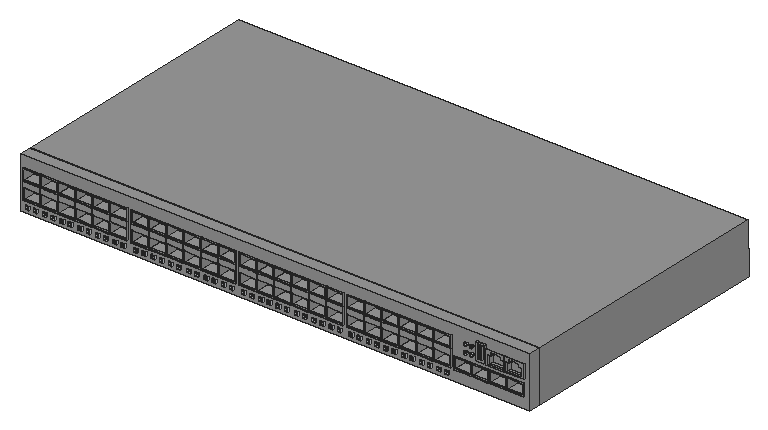
Revit family "19 Zoll Switch MS400991M", category Datengeräte, Revit 2023
Family settings
  Bemaßung runder Anschluss = Durchmesser verwenden
  Teiletyp = Normal
  OmniClass-Nummer = 23.85.50.17
  OmniClass-Titel = Communication and Data Processing Equipment
  Arbeitsebenenbasiert = Nein
  Immer vertikal = Ja
  Beim Laden mit Abzugskörper schneiden = Nein
  Beschriftungsausrichtung beibehalten = Nein
  Gemeinsam genutzt = Nein
  Raumberechnungspunkt = Nein
Parameters (values of type "19 Zoll Switch MS400991M")
  Vorgabe-Ansicht = 0 mm
  Material = Stahl, lackierte Oberfläche, dunkelgrau, matt
  Ausführung = "managed switch L3"
  Anschluss 3 = "4x 1G/10GBase-X SFP+-Slots"
  Spannung Input = "100~240VAC (C14)"
  Hersteller = "MICROSENS"
  Beschreibung = "52-Port 10G Multi Fiber L3 Switch 19\""
  Artikelnummer = "MS400991M"
  Anschluss 4 = "Konsolenport (RJ-45)"
  Anschluss 2 = "48x 100/1000Base-X SFP-Slots"
  Anschluss 1 = "OOB-Port (RJ-45)"
Reference planes
  plane 1 "Mitte (Vorne/Hinten)": y = 232.367
  plane 2: z = 0
  plane 3 "Mitte (Links/Rechts)": x = 6.748
Forms (mm)
  Extrusion 1, solid, material "Stahl, lackierte Oberfläche, dunkelgrau, matt" <- "Material"
    sketch origin (-0.016, 361.42, 1.502) x (1, 0, 0) y (0, 0, 1)
      loop
        line (-213.236, 42.498) -> (-213.236, -1.502) -> (226.813, -1.502) -> (226.813, 42.498) -> (-213.236, 42.498)
    from 235.89 to 246.705
  Extrusion 2, solid, material "Weiss"
    sketch origin (447.071, 265.556, 149.676) x (0, 0, 1) y (-1, 0, 0)
      loop
        line (-126.471, 264.855) -> (-126.471, 259.255)
        arc (-126.471, 259.255) -> (-126.178, 258.548) -> (-125.471, 258.255) r 1
        line (-125.471, 258.255) -> (-112.371, 258.255)
        arc (-112.371, 258.255) -> (-111.663, 258.548) -> (-111.371, 259.255) r 1
        line (-111.371, 259.255) -> (-111.371, 264.855)
        arc (-111.371, 264.855) -> (-111.663, 265.562) -> (-112.371, 265.855) r 1
        line (-112.371, 265.855) -> (-125.471, 265.855)
        arc (-125.471, 265.855) -> (-126.178, 265.562) -> (-126.471, 264.855) r 1
      loop
        line (-125.071, 264.605) -> (-125.071, 259.105) -> (-112.671, 259.105) -> (-112.671, 264.605) -> (-125.071, 264.605)
    from 150.84 to 151.64
  Extrusion 3, solid, material "Edelstahl AISI 304"
    sketch origin (447.071, 265.556, 149.676) x (0, 0, 1) y (-1, 0, 0)
      loop
        line (-124.365, 262.053) -> (-113.348, 262.053) -> (-113.348, 263.837) -> (-124.365, 263.837) -> (-124.365, 262.053)
      loop
        line (-124.121, 263.355) -> (-124.121, 262.305) -> (-113.621, 262.305) -> (-113.621, 263.355) -> (-124.121, 263.355)
    from 150.84 to 151.64
  Extrusion 4, void
    sketch origin (444.571, 265.556, 149.52) x (0, 0, 1) y (-1, 0, 0)
      loop
        line (-125.071, 262.055) -> (-125.071, 259.105) -> (-112.671, 259.105) -> (-112.671, 262.055) -> (-125.071, 262.055)
    from 147.46 to 160.434
  Extrusion 5, solid, material "Stahl, 43-245"
    sketch origin (-2.408, 265.556, 44) x (0, -1, 0) y (1, 0, 0)
      loop
        line (140.025, -210.844) -> (140.025, 229.205) -> (-85.512, 229.205) -> (-85.512, -210.844) -> (140.025, -210.844)
    from -44 to 0
  Extrusion 6, solid, material "Edelstahl AISI 304"
    sketch origin (299.007, 265.556, -237.063) x (1, 0, 0) y (0, 0, 1)
      loop
        line (-93.447, 260.197) -> (-76.371, 260.197) -> (-76.371, 272.055) -> (-93.447, 272.055) -> (-93.447, 260.197)
      loop
        line (-92.032, 260.695) -> (-78.062, 260.695) -> (-78.062, 268.569) -> (-80.729, 268.569) -> (-80.729, 270.347) -> (-83.142, 270.347) -> (-83.142, 271.236) -> (-86.952, 271.236) -> (-86.952, 270.347) -> (-89.365, 270.347) -> (-89.365, 268.569) -> (-92.032, 268.569) -> (-92.032, 260.695)
    from 150.84 to 151.64
  Extrusion 7, void
    sketch origin (314.774, 265.556, -237.015) x (1, 0, 0) y (0, 0, 1)
      loop
        line (-106.701, 261.203) -> (-94.788, 261.203) -> (-94.788, 268.036) -> (-96.693, 268.036) -> (-96.693, 269.738) -> (-99.221, 269.738) -> (-99.221, 270.576) -> (-102.269, 270.576) -> (-102.269, 269.738) -> (-104.787, 269.738) -> (-104.787, 268.036) -> (-106.701, 268.036) -> (-106.701, 261.203)
    from 147.46 to 160.434
  Extrusion 8, solid, material "Edelstahl AISI 304"
    sketch origin (-409.473, 265.556, -233.012) x (1, 0, 0) y (0, 0, 1)
      loop
        line (198.964, 268.012) -> (198.964, 257.612) -> (213.977, 257.612) -> (213.977, 268.012) -> (198.964, 268.012)
      loop
        line (199.41, 267.584) -> (199.41, 257.912) -> (213.549, 257.912) -> (213.549, 267.584) -> (199.41, 267.584)
    from 140.025 to 151.64
  Extrusion 9, void
    sketch origin (-102.016, 265.556, -235.662) x (1, 0, 0) y (0, 0, 1)
      loop
        line (-107.793, 261.07) -> (-94.206, 261.07) -> (-94.206, 269.986) -> (-107.793, 269.986) -> (-107.793, 261.07)
    from 140.025 to 160.434
  Extrusion 10, solid, material "Edelstahl AISI 304"
    sketch origin (-409.414, 265.556, -247.841) x (1, 0, 0) y (0, 0, 1)
      loop
        line (198.964, 272.442) -> (198.964, 257.612) -> (213.918, 257.612) -> (213.918, 272.442) -> (198.964, 272.442)
      loop
        line (199.41, 267.733) -> (199.41, 257.912) -> (213.489, 257.912) -> (213.489, 267.733) -> (199.41, 267.733)
    from 140.025 to 151.64
  Extrusion 11, void
    sketch origin (-101.956, 265.556, -250.492) x (1, 0, 0) y (0, 0, 1)
      loop
        line (-107.793, 261.07) -> (-94.266, 261.07) -> (-94.266, 269.986) -> (-107.793, 269.986) -> (-107.793, 261.07)
    from 140.025 to 160.434
  Extrusion 12, solid
    sketch origin (-273.402, 265.556, -259.935) x (1, 0, 0) y (0, 0, 1)
      loop
        line (65.134, 266.357) -> (65.134, 263.552) -> (68.302, 263.552) -> (68.302, 266.357) -> (65.134, 266.357)
      loop
        line (65.402, 266.123) -> (65.402, 263.778) -> (68.073, 263.778) -> (68.073, 266.123) -> (65.402, 266.123)
    from 150.84 to 151.64
  Extrusion 13, solid
    sketch origin (-266.305, 265.556, -259.935) x (1, 0, 0) y (0, 0, 1)
      loop
        line (65.134, 266.357) -> (65.134, 263.552) -> (68.302, 263.552) -> (68.302, 266.357) -> (65.134, 266.357)
      loop
        line (65.402, 266.123) -> (65.402, 263.778) -> (68.073, 263.778) -> (68.073, 266.123) -> (65.402, 266.123)
    from 150.84 to 151.64
  Extrusion 14, solid, material "Edelstahl AISI 304"
    sketch origin (283.429, 265.556, -237.063) x (1, 0, 0) y (0, 0, 1)
      loop
        line (-93.447, 260.197) -> (-77.869, 260.197) -> (-77.869, 272.055) -> (-93.447, 272.055) -> (-93.447, 260.197)
      loop
        line (-92.032, 260.695) -> (-78.062, 260.695) -> (-78.062, 268.569) -> (-80.729, 268.569) -> (-80.729, 270.347) -> (-83.142, 270.347) -> (-83.142, 271.236) -> (-86.952, 271.236) -> (-86.952, 270.347) -> (-89.365, 270.347) -> (-89.365, 268.569) -> (-92.032, 268.569) -> (-92.032, 260.695)
    from 150.84 to 151.64
  Extrusion 15, void
    sketch origin (299.197, 265.556, -237.015) x (1, 0, 0) y (0, 0, 1)
      loop
        line (-106.701, 261.203) -> (-94.788, 261.203) -> (-94.788, 268.036) -> (-96.693, 268.036) -> (-96.693, 269.738) -> (-99.221, 269.738) -> (-99.221, 270.576) -> (-102.269, 270.576) -> (-102.269, 269.738) -> (-104.787, 269.738) -> (-104.787, 268.036) -> (-106.701, 268.036) -> (-106.701, 261.203)
    from 147.46 to 160.434
  Extrusion 16, solid, material "Edelstahl AISI 304"
    sketch origin (-394.507, 265.556, -233.012) x (1, 0, 0) y (0, 0, 1)
      loop
        line (198.964, 268.012) -> (198.964, 257.612) -> (213.977, 257.612) -> (213.977, 268.012) -> (198.964, 268.012)
      loop
        line (199.41, 267.584) -> (199.41, 257.912) -> (213.549, 257.912) -> (213.549, 267.584) -> (199.41, 267.584)
    from 140.025 to 151.64
  Extrusion 17, void
    sketch origin (-87.049, 265.556, -235.662) x (1, 0, 0) y (0, 0, 1)
      loop
        line (-107.793, 261.07) -> (-94.206, 261.07) -> (-94.206, 269.986) -> (-107.793, 269.986) -> (-107.793, 261.07)
    from 140.025 to 160.434
  Extrusion 18, solid, material "Edelstahl AISI 304"
    sketch origin (-394.447, 265.556, -247.841) x (1, 0, 0) y (0, 0, 1)
      loop
        line (198.964, 272.442) -> (198.964, 257.612) -> (213.918, 257.612) -> (213.918, 272.442) -> (198.964, 272.442)
      loop
        line (199.41, 267.733) -> (199.41, 257.912) -> (213.489, 257.912) -> (213.489, 267.733) -> (199.41, 267.733)
    from 140.025 to 151.64
  Extrusion 19, void
    sketch origin (-86.99, 265.556, -250.492) x (1, 0, 0) y (0, 0, 1)
      loop
        line (-107.793, 261.07) -> (-94.266, 261.07) -> (-94.266, 269.986) -> (-107.793, 269.986) -> (-107.793, 261.07)
    from 140.025 to 160.434
  Extrusion 20, solid, material "Edelstahl AISI 304"
    sketch origin (-379.493, 265.556, -233.012) x (1, 0, 0) y (0, 0, 1)
      loop
        line (198.964, 268.012) -> (198.964, 257.612) -> (213.977, 257.612) -> (213.977, 268.012) -> (198.964, 268.012)
      loop
        line (199.41, 267.584) -> (199.41, 257.912) -> (213.549, 257.912) -> (213.549, 267.584) -> (199.41, 267.584)
    from 140.025 to 151.64
  Extrusion 21, void
    sketch origin (-72.036, 265.556, -235.662) x (1, 0, 0) y (0, 0, 1)
      loop
        line (-107.793, 261.07) -> (-94.206, 261.07) -> (-94.206, 269.986) -> (-107.793, 269.986) -> (-107.793, 261.07)
    from 140.025 to 160.434
  Extrusion 22, solid, material "Edelstahl AISI 304"
    sketch origin (-379.434, 265.556, -247.841) x (1, 0, 0) y (0, 0, 1)
      loop
        line (198.964, 272.442) -> (198.964, 257.612) -> (213.918, 257.612) -> (213.918, 272.442) -> (198.964, 272.442)
      loop
        line (199.41, 267.733) -> (199.41, 257.912) -> (213.489, 257.912) -> (213.489, 267.733) -> (199.41, 267.733)
    from 140.025 to 151.64
  Extrusion 23, void
    sketch origin (-71.976, 265.556, -250.492) x (1, 0, 0) y (0, 0, 1)
      loop
        line (-107.793, 261.07) -> (-94.266, 261.07) -> (-94.266, 269.986) -> (-107.793, 269.986) -> (-107.793, 261.07)
    from 140.025 to 160.434
  Extrusion 24, solid, material "Edelstahl AISI 304"
    sketch origin (-364.48, 265.556, -233.012) x (1, 0, 0) y (0, 0, 1)
      loop
        line (198.964, 268.012) -> (198.964, 257.612) -> (213.977, 257.612) -> (213.977, 268.012) -> (198.964, 268.012)
      loop
        line (199.41, 267.584) -> (199.41, 257.912) -> (213.549, 257.912) -> (213.549, 267.584) -> (199.41, 267.584)
    from 140.025 to 151.64
  Extrusion 25, void
    sketch origin (-57.022, 265.556, -235.662) x (1, 0, 0) y (0, 0, 1)
      loop
        line (-107.793, 261.07) -> (-94.206, 261.07) -> (-94.206, 269.986) -> (-107.793, 269.986) -> (-107.793, 261.07)
    from 140.025 to 160.434
  Extrusion 26, solid, material "Edelstahl AISI 304"
    sketch origin (-364.42, 265.556, -247.841) x (1, 0, 0) y (0, 0, 1)
      loop
        line (198.964, 272.442) -> (198.964, 257.612) -> (213.918, 257.612) -> (213.918, 272.442) -> (198.964, 272.442)
      loop
        line (199.41, 267.733) -> (199.41, 257.912) -> (213.489, 257.912) -> (213.489, 267.733) -> (199.41, 267.733)
    from 140.025 to 151.64
  Extrusion 27, void
    sketch origin (-56.963, 265.556, -250.492) x (1, 0, 0) y (0, 0, 1)
      loop
        line (-107.793, 261.07) -> (-94.266, 261.07) -> (-94.266, 269.986) -> (-107.793, 269.986) -> (-107.793, 261.07)
    from 140.025 to 160.434
  Extrusion 28, solid, material "Edelstahl AISI 304"
    sketch origin (-349.466, 265.556, -233.012) x (1, 0, 0) y (0, 0, 1)
      loop
        line (198.964, 268.012) -> (198.964, 257.612) -> (213.977, 257.612) -> (213.977, 268.012) -> (198.964, 268.012)
      loop
        line (199.41, 267.584) -> (199.41, 257.912) -> (213.549, 257.912) -> (213.549, 267.584) -> (199.41, 267.584)
    from 140.025 to 151.64
  Extrusion 29, void
    sketch origin (-42.009, 265.556, -235.662) x (1, 0, 0) y (0, 0, 1)
      loop
        line (-107.793, 261.07) -> (-94.206, 261.07) -> (-94.206, 269.986) -> (-107.793, 269.986) -> (-107.793, 261.07)
    from 140.025 to 160.434
  Extrusion 30, solid, material "Edelstahl AISI 304"
    sketch origin (-349.406, 265.556, -247.841) x (1, 0, 0) y (0, 0, 1)
      loop
        line (198.964, 272.442) -> (198.964, 257.612) -> (213.918, 257.612) -> (213.918, 272.442) -> (198.964, 272.442)
      loop
        line (199.41, 267.733) -> (199.41, 257.912) -> (213.489, 257.912) -> (213.489, 267.733) -> (199.41, 267.733)
    from 140.025 to 151.64
  Extrusion 31, void
    sketch origin (-41.949, 265.556, -250.492) x (1, 0, 0) y (0, 0, 1)
      loop
        line (-107.793, 261.07) -> (-94.266, 261.07) -> (-94.266, 269.986) -> (-107.793, 269.986) -> (-107.793, 261.07)
    from 140.025 to 160.434
  Extrusion 32, solid, material "Edelstahl AISI 304"
    sketch origin (-334.453, 265.556, -233.012) x (1, 0, 0) y (0, 0, 1)
      loop
        line (198.964, 268.012) -> (198.964, 257.612) -> (213.977, 257.612) -> (213.977, 268.012) -> (198.964, 268.012)
      loop
        line (199.41, 267.584) -> (199.41, 257.912) -> (213.549, 257.912) -> (213.549, 267.584) -> (199.41, 267.584)
    from 140.025 to 151.64
  Extrusion 33, void
    sketch origin (-26.995, 265.556, -235.662) x (1, 0, 0) y (0, 0, 1)
      loop
        line (-107.793, 261.07) -> (-94.206, 261.07) -> (-94.206, 269.986) -> (-107.793, 269.986) -> (-107.793, 261.07)
    from 140.025 to 160.434
  Extrusion 34, solid, material "Edelstahl AISI 304"
    sketch origin (-334.393, 265.556, -247.841) x (1, 0, 0) y (0, 0, 1)
      loop
        line (198.964, 272.442) -> (198.964, 257.612) -> (213.918, 257.612) -> (213.918, 272.442) -> (198.964, 272.442)
      loop
        line (199.41, 267.733) -> (199.41, 257.912) -> (213.489, 257.912) -> (213.489, 267.733) -> (199.41, 267.733)
    from 140.025 to 151.64
  Extrusion 35, void
    sketch origin (-26.935, 265.556, -250.492) x (1, 0, 0) y (0, 0, 1)
      loop
        line (-107.793, 261.07) -> (-94.266, 261.07) -> (-94.266, 269.986) -> (-107.793, 269.986) -> (-107.793, 261.07)
    from 140.025 to 160.434
  Extrusion 36, solid
    sketch origin (-258.402, 265.556, -259.935) x (1, 0, 0) y (0, 0, 1)
      loop
        line (65.134, 266.357) -> (65.134, 263.552) -> (68.302, 263.552) -> (68.302, 266.357) -> (65.134, 266.357)
      loop
        line (65.402, 266.123) -> (65.402, 263.778) -> (68.073, 263.778) -> (68.073, 266.123) -> (65.402, 266.123)
    from 150.84 to 151.64
  Extrusion 37, solid
    sketch origin (-251.305, 265.556, -259.935) x (1, 0, 0) y (0, 0, 1)
      loop
        line (65.134, 266.357) -> (65.134, 263.552) -> (68.302, 263.552) -> (68.302, 266.357) -> (65.134, 266.357)
      loop
        line (65.402, 266.123) -> (65.402, 263.778) -> (68.073, 263.778) -> (68.073, 266.123) -> (65.402, 266.123)
    from 150.84 to 151.64
  Extrusion 38, solid
    sketch origin (-243.402, 265.556, -259.935) x (1, 0, 0) y (0, 0, 1)
      loop
        line (65.134, 266.357) -> (65.134, 263.552) -> (68.302, 263.552) -> (68.302, 266.357) -> (65.134, 266.357)
      loop
        line (65.402, 266.123) -> (65.402, 263.778) -> (68.073, 263.778) -> (68.073, 266.123) -> (65.402, 266.123)
    from 150.84 to 151.64
  Extrusion 39, solid
    sketch origin (-236.305, 265.556, -259.935) x (1, 0, 0) y (0, 0, 1)
      loop
        line (65.134, 266.357) -> (65.134, 263.552) -> (68.302, 263.552) -> (68.302, 266.357) -> (65.134, 266.357)
      loop
        line (65.402, 266.123) -> (65.402, 263.778) -> (68.073, 263.778) -> (68.073, 266.123) -> (65.402, 266.123)
    from 150.84 to 151.64
  Extrusion 40, solid
    sketch origin (-227.709, 265.556, -259.935) x (1, 0, 0) y (0, 0, 1)
      loop
        line (65.134, 266.357) -> (65.134, 263.552) -> (68.302, 263.552) -> (68.302, 266.357) -> (65.134, 266.357)
      loop
        line (65.402, 266.123) -> (65.402, 263.778) -> (68.073, 263.778) -> (68.073, 266.123) -> (65.402, 266.123)
    from 150.84 to 151.64
  Extrusion 41, solid
    sketch origin (-220.612, 265.556, -259.935) x (1, 0, 0) y (0, 0, 1)
      loop
        line (65.134, 266.357) -> (65.134, 263.552) -> (68.302, 263.552) -> (68.302, 266.357) -> (65.134, 266.357)
      loop
        line (65.402, 266.123) -> (65.402, 263.778) -> (68.073, 263.778) -> (68.073, 266.123) -> (65.402, 266.123)
    from 150.84 to 151.64
  Extrusion 42, solid
    sketch origin (-212.709, 265.556, -259.935) x (1, 0, 0) y (0, 0, 1)
      loop
        line (65.134, 266.357) -> (65.134, 263.552) -> (68.302, 263.552) -> (68.302, 266.357) -> (65.134, 266.357)
      loop
        line (65.402, 266.123) -> (65.402, 263.778) -> (68.073, 263.778) -> (68.073, 266.123) -> (65.402, 266.123)
    from 150.84 to 151.64
  Extrusion 43, solid
    sketch origin (-205.612, 265.556, -259.935) x (1, 0, 0) y (0, 0, 1)
      loop
        line (65.134, 266.357) -> (65.134, 263.552) -> (68.302, 263.552) -> (68.302, 266.357) -> (65.134, 266.357)
      loop
        line (65.402, 266.123) -> (65.402, 263.778) -> (68.073, 263.778) -> (68.073, 266.123) -> (65.402, 266.123)
    from 150.84 to 151.64
  Extrusion 44, solid
    sketch origin (-197.709, 265.556, -259.935) x (1, 0, 0) y (0, 0, 1)
      loop
        line (65.134, 266.357) -> (65.134, 263.552) -> (68.302, 263.552) -> (68.302, 266.357) -> (65.134, 266.357)
      loop
        line (65.402, 266.123) -> (65.402, 263.778) -> (68.073, 263.778) -> (68.073, 266.123) -> (65.402, 266.123)
    from 150.84 to 151.64
  Extrusion 45, solid
    sketch origin (-190.612, 265.556, -259.935) x (1, 0, 0) y (0, 0, 1)
      loop
        line (65.134, 266.357) -> (65.134, 263.552) -> (68.302, 263.552) -> (68.302, 266.357) -> (65.134, 266.357)
      loop
        line (65.402, 266.123) -> (65.402, 263.778) -> (68.073, 263.778) -> (68.073, 266.123) -> (65.402, 266.123)
    from 150.84 to 151.64
  Extrusion 46, solid, material "Edelstahl AISI 304"
    sketch origin (-315.735, 265.556, -233.012) x (1, 0, 0) y (0, 0, 1)
      loop
        line (198.964, 268.012) -> (198.964, 257.612) -> (213.977, 257.612) -> (213.977, 268.012) -> (198.964, 268.012)
      loop
        line (199.41, 267.584) -> (199.41, 257.912) -> (213.549, 257.912) -> (213.549, 267.584) -> (199.41, 267.584)
    from 140.025 to 151.64
  Extrusion 47, void
    sketch origin (-8.278, 265.556, -235.662) x (1, 0, 0) y (0, 0, 1)
      loop
        line (-107.793, 261.07) -> (-94.206, 261.07) -> (-94.206, 269.986) -> (-107.793, 269.986) -> (-107.793, 261.07)
    from 140.025 to 160.434
  Extrusion 48, solid, material "Edelstahl AISI 304"
    sketch origin (-315.676, 265.556, -247.841) x (1, 0, 0) y (0, 0, 1)
      loop
        line (198.964, 272.442) -> (198.964, 257.612) -> (213.918, 257.612) -> (213.918, 272.442) -> (198.964, 272.442)
      loop
        line (199.41, 267.733) -> (199.41, 257.912) -> (213.489, 257.912) -> (213.489, 267.733) -> (199.41, 267.733)
    from 140.025 to 151.64
  Extrusion 49, void
    sketch origin (-8.218, 265.556, -250.492) x (1, 0, 0) y (0, 0, 1)
      loop
        line (-107.793, 261.07) -> (-94.266, 261.07) -> (-94.266, 269.986) -> (-107.793, 269.986) -> (-107.793, 261.07)
    from 140.025 to 160.434
  Extrusion 50, solid
    sketch origin (-179.664, 265.556, -259.935) x (1, 0, 0) y (0, 0, 1)
      loop
        line (65.134, 266.357) -> (65.134, 263.552) -> (68.302, 263.552) -> (68.302, 266.357) -> (65.134, 266.357)
      loop
        line (65.402, 266.123) -> (65.402, 263.778) -> (68.073, 263.778) -> (68.073, 266.123) -> (65.402, 266.123)
    from 150.84 to 151.64
  Extrusion 51, solid
    sketch origin (-172.567, 265.556, -259.935) x (1, 0, 0) y (0, 0, 1)
      loop
        line (65.134, 266.357) -> (65.134, 263.552) -> (68.302, 263.552) -> (68.302, 266.357) -> (65.134, 266.357)
      loop
        line (65.402, 266.123) -> (65.402, 263.778) -> (68.073, 263.778) -> (68.073, 266.123) -> (65.402, 266.123)
    from 150.84 to 151.64
  Extrusion 52, solid, material "Edelstahl AISI 304"
    sketch origin (-300.769, 265.556, -233.012) x (1, 0, 0) y (0, 0, 1)
      loop
        line (198.964, 268.012) -> (198.964, 257.612) -> (213.977, 257.612) -> (213.977, 268.012) -> (198.964, 268.012)
      loop
        line (199.41, 267.584) -> (199.41, 257.912) -> (213.549, 257.912) -> (213.549, 267.584) -> (199.41, 267.584)
    from 140.025 to 151.64
  Extrusion 53, void
    sketch origin (6.688, 265.556, -235.662) x (1, 0, 0) y (0, 0, 1)
      loop
        line (-107.793, 261.07) -> (-94.206, 261.07) -> (-94.206, 269.986) -> (-107.793, 269.986) -> (-107.793, 261.07)
    from 140.025 to 160.434
  Extrusion 54, solid, material "Edelstahl AISI 304"
    sketch origin (-300.709, 265.556, -247.841) x (1, 0, 0) y (0, 0, 1)
      loop
        line (198.964, 272.442) -> (198.964, 257.612) -> (213.918, 257.612) -> (213.918, 272.442) -> (198.964, 272.442)
      loop
        line (199.41, 267.733) -> (199.41, 257.912) -> (213.489, 257.912) -> (213.489, 267.733) -> (199.41, 267.733)
    from 140.025 to 151.64
  Extrusion 55, void
    sketch origin (6.748, 265.556, -250.492) x (1, 0, 0) y (0, 0, 1)
      loop
        line (-107.793, 261.07) -> (-94.266, 261.07) -> (-94.266, 269.986) -> (-107.793, 269.986) -> (-107.793, 261.07)
    from 140.025 to 160.434
  Extrusion 56, solid, material "Edelstahl AISI 304"
    sketch origin (-285.756, 265.556, -233.012) x (1, 0, 0) y (0, 0, 1)
      loop
        line (198.964, 268.012) -> (198.964, 257.612) -> (213.977, 257.612) -> (213.977, 268.012) -> (198.964, 268.012)
      loop
        line (199.41, 267.584) -> (199.41, 257.912) -> (213.549, 257.912) -> (213.549, 267.584) -> (199.41, 267.584)
    from 140.025 to 151.64
  Extrusion 57, void
    sketch origin (21.702, 265.556, -235.662) x (1, 0, 0) y (0, 0, 1)
      loop
        line (-107.793, 261.07) -> (-94.206, 261.07) -> (-94.206, 269.986) -> (-107.793, 269.986) -> (-107.793, 261.07)
    from 140.025 to 160.434
  Extrusion 58, solid, material "Edelstahl AISI 304"
    sketch origin (-285.696, 265.556, -247.841) x (1, 0, 0) y (0, 0, 1)
      loop
        line (198.964, 272.442) -> (198.964, 257.612) -> (213.918, 257.612) -> (213.918, 272.442) -> (198.964, 272.442)
      loop
        line (199.41, 267.733) -> (199.41, 257.912) -> (213.489, 257.912) -> (213.489, 267.733) -> (199.41, 267.733)
    from 140.025 to 151.64
  Extrusion 59, void
    sketch origin (21.762, 265.556, -250.492) x (1, 0, 0) y (0, 0, 1)
      loop
        line (-107.793, 261.07) -> (-94.266, 261.07) -> (-94.266, 269.986) -> (-107.793, 269.986) -> (-107.793, 261.07)
    from 140.025 to 160.434
  Extrusion 60, solid, material "Edelstahl AISI 304"
    sketch origin (-270.742, 265.556, -233.012) x (1, 0, 0) y (0, 0, 1)
      loop
        line (198.964, 268.012) -> (198.964, 257.612) -> (213.977, 257.612) -> (213.977, 268.012) -> (198.964, 268.012)
      loop
        line (199.41, 267.584) -> (199.41, 257.912) -> (213.549, 257.912) -> (213.549, 267.584) -> (199.41, 267.584)
    from 140.025 to 151.64
  Extrusion 61, void
    sketch origin (36.716, 265.556, -235.662) x (1, 0, 0) y (0, 0, 1)
      loop
        line (-107.793, 261.07) -> (-94.206, 261.07) -> (-94.206, 269.986) -> (-107.793, 269.986) -> (-107.793, 261.07)
    from 140.025 to 160.434
  Extrusion 62, solid, material "Edelstahl AISI 304"
    sketch origin (-270.682, 265.556, -247.841) x (1, 0, 0) y (0, 0, 1)
      loop
        line (198.964, 272.442) -> (198.964, 257.612) -> (213.918, 257.612) -> (213.918, 272.442) -> (198.964, 272.442)
      loop
        line (199.41, 267.733) -> (199.41, 257.912) -> (213.489, 257.912) -> (213.489, 267.733) -> (199.41, 267.733)
    from 140.025 to 151.64
  Extrusion 63, void
    sketch origin (36.775, 265.556, -250.492) x (1, 0, 0) y (0, 0, 1)
      loop
        line (-107.793, 261.07) -> (-94.266, 261.07) -> (-94.266, 269.986) -> (-107.793, 269.986) -> (-107.793, 261.07)
    from 140.025 to 160.434
  Extrusion 64, solid, material "Edelstahl AISI 304"
    sketch origin (-255.728, 265.556, -233.012) x (1, 0, 0) y (0, 0, 1)
      loop
        line (198.964, 268.012) -> (198.964, 257.612) -> (213.977, 257.612) -> (213.977, 268.012) -> (198.964, 268.012)
      loop
        line (199.41, 267.584) -> (199.41, 257.912) -> (213.549, 257.912) -> (213.549, 267.584) -> (199.41, 267.584)
    from 140.025 to 151.64
  Extrusion 65, void
    sketch origin (51.729, 265.556, -235.662) x (1, 0, 0) y (0, 0, 1)
      loop
        line (-107.793, 261.07) -> (-94.206, 261.07) -> (-94.206, 269.986) -> (-107.793, 269.986) -> (-107.793, 261.07)
    from 140.025 to 160.434
  Extrusion 66, solid, material "Edelstahl AISI 304"
    sketch origin (-255.669, 265.556, -247.841) x (1, 0, 0) y (0, 0, 1)
      loop
        line (198.964, 272.442) -> (198.964, 257.612) -> (213.918, 257.612) -> (213.918, 272.442) -> (198.964, 272.442)
      loop
        line (199.41, 267.733) -> (199.41, 257.912) -> (213.489, 257.912) -> (213.489, 267.733) -> (199.41, 267.733)
    from 140.025 to 151.64
  Extrusion 67, void
    sketch origin (51.789, 265.556, -250.492) x (1, 0, 0) y (0, 0, 1)
      loop
        line (-107.793, 261.07) -> (-94.266, 261.07) -> (-94.266, 269.986) -> (-107.793, 269.986) -> (-107.793, 261.07)
    from 140.025 to 160.434
  Extrusion 68, solid, material "Edelstahl AISI 304"
    sketch origin (-240.715, 265.556, -233.012) x (1, 0, 0) y (0, 0, 1)
      loop
        line (198.964, 268.012) -> (198.964, 257.612) -> (213.977, 257.612) -> (213.977, 268.012) -> (198.964, 268.012)
      loop
        line (199.41, 267.584) -> (199.41, 257.912) -> (213.549, 257.912) -> (213.549, 267.584) -> (199.41, 267.584)
    from 140.025 to 151.64
  Extrusion 69, void
    sketch origin (66.743, 265.556, -235.662) x (1, 0, 0) y (0, 0, 1)
      loop
        line (-107.793, 261.07) -> (-94.206, 261.07) -> (-94.206, 269.986) -> (-107.793, 269.986) -> (-107.793, 261.07)
    from 140.025 to 160.434
  Extrusion 70, solid, material "Edelstahl AISI 304"
    sketch origin (-240.655, 265.556, -247.841) x (1, 0, 0) y (0, 0, 1)
      loop
        line (198.964, 272.442) -> (198.964, 257.612) -> (213.918, 257.612) -> (213.918, 272.442) -> (198.964, 272.442)
      loop
        line (199.41, 267.733) -> (199.41, 257.912) -> (213.489, 257.912) -> (213.489, 267.733) -> (199.41, 267.733)
    from 140.025 to 151.64
  Extrusion 71, void
    sketch origin (66.802, 265.556, -250.492) x (1, 0, 0) y (0, 0, 1)
      loop
        line (-107.793, 261.07) -> (-94.266, 261.07) -> (-94.266, 269.986) -> (-107.793, 269.986) -> (-107.793, 261.07)
    from 140.025 to 160.434
  Extrusion 72, solid
    sketch origin (-164.664, 265.556, -259.935) x (1, 0, 0) y (0, 0, 1)
      loop
        line (65.134, 266.357) -> (65.134, 263.552) -> (68.302, 263.552) -> (68.302, 266.357) -> (65.134, 266.357)
      loop
        line (65.402, 266.123) -> (65.402, 263.778) -> (68.073, 263.778) -> (68.073, 266.123) -> (65.402, 266.123)
    from 150.84 to 151.64
  Extrusion 73, solid
    sketch origin (-157.567, 265.556, -259.935) x (1, 0, 0) y (0, 0, 1)
      loop
        line (65.134, 266.357) -> (65.134, 263.552) -> (68.302, 263.552) -> (68.302, 266.357) -> (65.134, 266.357)
      loop
        line (65.402, 266.123) -> (65.402, 263.778) -> (68.073, 263.778) -> (68.073, 266.123) -> (65.402, 266.123)
    from 150.84 to 151.64
  Extrusion 74, solid
    sketch origin (-149.664, 265.556, -259.935) x (1, 0, 0) y (0, 0, 1)
      loop
        line (65.134, 266.357) -> (65.134, 263.552) -> (68.302, 263.552) -> (68.302, 266.357) -> (65.134, 266.357)
      loop
        line (65.402, 266.123) -> (65.402, 263.778) -> (68.073, 263.778) -> (68.073, 266.123) -> (65.402, 266.123)
    from 150.84 to 151.64
  Extrusion 75, solid
    sketch origin (-142.567, 265.556, -259.935) x (1, 0, 0) y (0, 0, 1)
      loop
        line (65.134, 266.357) -> (65.134, 263.552) -> (68.302, 263.552) -> (68.302, 266.357) -> (65.134, 266.357)
      loop
        line (65.402, 266.123) -> (65.402, 263.778) -> (68.073, 263.778) -> (68.073, 266.123) -> (65.402, 266.123)
    from 150.84 to 151.64
  Extrusion 76, solid
    sketch origin (-133.972, 265.556, -259.935) x (1, 0, 0) y (0, 0, 1)
      loop
        line (65.134, 266.357) -> (65.134, 263.552) -> (68.302, 263.552) -> (68.302, 266.357) -> (65.134, 266.357)
      loop
        line (65.402, 266.123) -> (65.402, 263.778) -> (68.073, 263.778) -> (68.073, 266.123) -> (65.402, 266.123)
    from 150.84 to 151.64
  Extrusion 77, solid
    sketch origin (-126.874, 265.556, -259.935) x (1, 0, 0) y (0, 0, 1)
      loop
        line (65.134, 266.357) -> (65.134, 263.552) -> (68.302, 263.552) -> (68.302, 266.357) -> (65.134, 266.357)
      loop
        line (65.402, 266.123) -> (65.402, 263.778) -> (68.073, 263.778) -> (68.073, 266.123) -> (65.402, 266.123)
    from 150.84 to 151.64
  Extrusion 78, solid
    sketch origin (-118.972, 265.556, -259.935) x (1, 0, 0) y (0, 0, 1)
      loop
        line (65.134, 266.357) -> (65.134, 263.552) -> (68.302, 263.552) -> (68.302, 266.357) -> (65.134, 266.357)
      loop
        line (65.402, 266.123) -> (65.402, 263.778) -> (68.073, 263.778) -> (68.073, 266.123) -> (65.402, 266.123)
    from 150.84 to 151.64
  Extrusion 79, solid
    sketch origin (-111.874, 265.556, -259.935) x (1, 0, 0) y (0, 0, 1)
      loop
        line (65.134, 266.357) -> (65.134, 263.552) -> (68.302, 263.552) -> (68.302, 266.357) -> (65.134, 266.357)
      loop
        line (65.402, 266.123) -> (65.402, 263.778) -> (68.073, 263.778) -> (68.073, 266.123) -> (65.402, 266.123)
    from 150.84 to 151.64
  Extrusion 80, solid
    sketch origin (-103.972, 265.556, -259.935) x (1, 0, 0) y (0, 0, 1)
      loop
        line (65.134, 266.357) -> (65.134, 263.552) -> (68.302, 263.552) -> (68.302, 266.357) -> (65.134, 266.357)
      loop
        line (65.402, 266.123) -> (65.402, 263.778) -> (68.073, 263.778) -> (68.073, 266.123) -> (65.402, 266.123)
    from 150.84 to 151.64
  Extrusion 81, solid
    sketch origin (-96.874, 265.556, -259.935) x (1, 0, 0) y (0, 0, 1)
      loop
        line (65.134, 266.357) -> (65.134, 263.552) -> (68.302, 263.552) -> (68.302, 266.357) -> (65.134, 266.357)
      loop
        line (65.402, 266.123) -> (65.402, 263.778) -> (68.073, 263.778) -> (68.073, 266.123) -> (65.402, 266.123)
    from 150.84 to 151.64
  Extrusion 82, solid, material "Edelstahl AISI 304"
    sketch origin (-222.595, 265.556, -233.012) x (1, 0, 0) y (0, 0, 1)
      loop
        line (198.964, 268.012) -> (198.964, 257.612) -> (213.977, 257.612) -> (213.977, 268.012) -> (198.964, 268.012)
      loop
        line (199.41, 267.584) -> (199.41, 257.912) -> (213.549, 257.912) -> (213.549, 267.584) -> (199.41, 267.584)
    from 140.025 to 151.64
  Extrusion 83, void
    sketch origin (84.862, 265.556, -235.662) x (1, 0, 0) y (0, 0, 1)
      loop
        line (-107.793, 261.07) -> (-94.206, 261.07) -> (-94.206, 269.986) -> (-107.793, 269.986) -> (-107.793, 261.07)
    from 140.025 to 160.434
  Extrusion 84, solid, material "Edelstahl AISI 304"
    sketch origin (-222.535, 265.556, -247.841) x (1, 0, 0) y (0, 0, 1)
      loop
        line (198.964, 272.442) -> (198.964, 257.612) -> (213.918, 257.612) -> (213.918, 272.442) -> (198.964, 272.442)
      loop
        line (199.41, 267.733) -> (199.41, 257.912) -> (213.489, 257.912) -> (213.489, 267.733) -> (199.41, 267.733)
    from 140.025 to 151.64
  Extrusion 85, void
    sketch origin (84.922, 265.556, -250.492) x (1, 0, 0) y (0, 0, 1)
      loop
        line (-107.793, 261.07) -> (-94.266, 261.07) -> (-94.266, 269.986) -> (-107.793, 269.986) -> (-107.793, 261.07)
    from 140.025 to 160.434
  Extrusion 86, solid
    sketch origin (-86.524, 265.556, -259.935) x (1, 0, 0) y (0, 0, 1)
      loop
        line (65.134, 266.357) -> (65.134, 263.552) -> (68.302, 263.552) -> (68.302, 266.357) -> (65.134, 266.357)
      loop
        line (65.402, 266.123) -> (65.402, 263.778) -> (68.073, 263.778) -> (68.073, 266.123) -> (65.402, 266.123)
    from 150.84 to 151.64
  Extrusion 87, solid
    sketch origin (-79.426, 265.556, -259.935) x (1, 0, 0) y (0, 0, 1)
      loop
        line (65.134, 266.357) -> (65.134, 263.552) -> (68.302, 263.552) -> (68.302, 266.357) -> (65.134, 266.357)
      loop
        line (65.402, 266.123) -> (65.402, 263.778) -> (68.073, 263.778) -> (68.073, 266.123) -> (65.402, 266.123)
    from 150.84 to 151.64
  Extrusion 88, solid, material "Edelstahl AISI 304"
    sketch origin (-207.629, 265.556, -233.012) x (1, 0, 0) y (0, 0, 1)
      loop
        line (198.964, 268.012) -> (198.964, 257.612) -> (213.977, 257.612) -> (213.977, 268.012) -> (198.964, 268.012)
      loop
        line (199.41, 267.584) -> (199.41, 257.912) -> (213.549, 257.912) -> (213.549, 267.584) -> (199.41, 267.584)
    from 140.025 to 151.64
  Extrusion 89, void
    sketch origin (99.829, 265.556, -235.662) x (1, 0, 0) y (0, 0, 1)
      loop
        line (-107.793, 261.07) -> (-94.206, 261.07) -> (-94.206, 269.986) -> (-107.793, 269.986) -> (-107.793, 261.07)
    from 140.025 to 160.434
  Extrusion 90, solid, material "Edelstahl AISI 304"
    sketch origin (-207.569, 265.556, -247.841) x (1, 0, 0) y (0, 0, 1)
      loop
        line (198.964, 272.442) -> (198.964, 257.612) -> (213.918, 257.612) -> (213.918, 272.442) -> (198.964, 272.442)
      loop
        line (199.41, 267.733) -> (199.41, 257.912) -> (213.489, 257.912) -> (213.489, 267.733) -> (199.41, 267.733)
    from 140.025 to 151.64
  Extrusion 91, void
    sketch origin (99.888, 265.556, -250.492) x (1, 0, 0) y (0, 0, 1)
      loop
        line (-107.793, 261.07) -> (-94.266, 261.07) -> (-94.266, 269.986) -> (-107.793, 269.986) -> (-107.793, 261.07)
    from 140.025 to 160.434
  Extrusion 92, solid, material "Edelstahl AISI 304"
    sketch origin (-192.615, 265.556, -233.012) x (1, 0, 0) y (0, 0, 1)
      loop
        line (198.964, 268.012) -> (198.964, 257.612) -> (213.977, 257.612) -> (213.977, 268.012) -> (198.964, 268.012)
      loop
        line (199.41, 267.584) -> (199.41, 257.912) -> (213.549, 257.912) -> (213.549, 267.584) -> (199.41, 267.584)
    from 140.025 to 151.64
  Extrusion 93, void
    sketch origin (114.842, 265.556, -235.662) x (1, 0, 0) y (0, 0, 1)
      loop
        line (-107.793, 261.07) -> (-94.206, 261.07) -> (-94.206, 269.986) -> (-107.793, 269.986) -> (-107.793, 261.07)
    from 140.025 to 160.434
  Extrusion 94, solid, material "Edelstahl AISI 304"
    sketch origin (-192.555, 265.556, -247.841) x (1, 0, 0) y (0, 0, 1)
      loop
        line (198.964, 272.442) -> (198.964, 257.612) -> (213.918, 257.612) -> (213.918, 272.442) -> (198.964, 272.442)
      loop
        line (199.41, 267.733) -> (199.41, 257.912) -> (213.489, 257.912) -> (213.489, 267.733) -> (199.41, 267.733)
    from 140.025 to 151.64
  Extrusion 95, void
    sketch origin (114.902, 265.556, -250.492) x (1, 0, 0) y (0, 0, 1)
      loop
        line (-107.793, 261.07) -> (-94.266, 261.07) -> (-94.266, 269.986) -> (-107.793, 269.986) -> (-107.793, 261.07)
    from 140.025 to 160.434
  Extrusion 96, solid, material "Edelstahl AISI 304"
    sketch origin (-177.602, 265.556, -233.012) x (1, 0, 0) y (0, 0, 1)
      loop
        line (198.964, 268.012) -> (198.964, 257.612) -> (213.977, 257.612) -> (213.977, 268.012) -> (198.964, 268.012)
      loop
        line (199.41, 267.584) -> (199.41, 257.912) -> (213.549, 257.912) -> (213.549, 267.584) -> (199.41, 267.584)
    from 140.025 to 151.64
  Extrusion 97, void
    sketch origin (129.856, 265.556, -235.662) x (1, 0, 0) y (0, 0, 1)
      loop
        line (-107.793, 261.07) -> (-94.206, 261.07) -> (-94.206, 269.986) -> (-107.793, 269.986) -> (-107.793, 261.07)
    from 140.025 to 160.434
  Extrusion 98, solid, material "Edelstahl AISI 304"
    sketch origin (-177.542, 265.556, -247.841) x (1, 0, 0) y (0, 0, 1)
      loop
        line (198.964, 272.442) -> (198.964, 257.612) -> (213.918, 257.612) -> (213.918, 272.442) -> (198.964, 272.442)
      loop
        line (199.41, 267.733) -> (199.41, 257.912) -> (213.489, 257.912) -> (213.489, 267.733) -> (199.41, 267.733)
    from 140.025 to 151.64
  Extrusion 99, void
    sketch origin (129.916, 265.556, -250.492) x (1, 0, 0) y (0, 0, 1)
      loop
        line (-107.793, 261.07) -> (-94.266, 261.07) -> (-94.266, 269.986) -> (-107.793, 269.986) -> (-107.793, 261.07)
    from 140.025 to 160.434
  Extrusion 100, solid, material "Edelstahl AISI 304"
    sketch origin (-162.588, 265.556, -233.012) x (1, 0, 0) y (0, 0, 1)
      loop
        line (198.964, 268.012) -> (198.964, 257.612) -> (213.977, 257.612) -> (213.977, 268.012) -> (198.964, 268.012)
      loop
        line (199.41, 267.584) -> (199.41, 257.912) -> (213.549, 257.912) -> (213.549, 267.584) -> (199.41, 267.584)
    from 140.025 to 151.64
  Extrusion 101, void
    sketch origin (144.869, 265.556, -235.662) x (1, 0, 0) y (0, 0, 1)
      loop
        line (-107.793, 261.07) -> (-94.206, 261.07) -> (-94.206, 269.986) -> (-107.793, 269.986) -> (-107.793, 261.07)
    from 140.025 to 160.434
  Extrusion 102, solid, material "Edelstahl AISI 304"
    sketch origin (-162.528, 265.556, -247.841) x (1, 0, 0) y (0, 0, 1)
      loop
        line (198.964, 272.442) -> (198.964, 257.612) -> (213.918, 257.612) -> (213.918, 272.442) -> (198.964, 272.442)
      loop
        line (199.41, 267.733) -> (199.41, 257.912) -> (213.489, 257.912) -> (213.489, 267.733) -> (199.41, 267.733)
    from 140.025 to 151.64
  Extrusion 103, void
    sketch origin (144.929, 265.556, -250.492) x (1, 0, 0) y (0, 0, 1)
      loop
        line (-107.793, 261.07) -> (-94.266, 261.07) -> (-94.266, 269.986) -> (-107.793, 269.986) -> (-107.793, 261.07)
    from 140.025 to 160.434
  Extrusion 104, solid, material "Edelstahl AISI 304"
    sketch origin (-147.574, 265.556, -233.012) x (1, 0, 0) y (0, 0, 1)
      loop
        line (198.964, 268.012) -> (198.964, 257.612) -> (213.977, 257.612) -> (213.977, 268.012) -> (198.964, 268.012)
      loop
        line (199.41, 267.584) -> (199.41, 257.912) -> (213.549, 257.912) -> (213.549, 267.584) -> (199.41, 267.584)
    from 140.025 to 151.64
  Extrusion 105, void
    sketch origin (159.883, 265.556, -235.662) x (1, 0, 0) y (0, 0, 1)
      loop
        line (-107.793, 261.07) -> (-94.206, 261.07) -> (-94.206, 269.986) -> (-107.793, 269.986) -> (-107.793, 261.07)
    from 140.025 to 160.434
  Extrusion 106, solid, material "Edelstahl AISI 304"
    sketch origin (-147.515, 265.556, -247.841) x (1, 0, 0) y (0, 0, 1)
      loop
        line (198.964, 272.442) -> (198.964, 257.612) -> (213.918, 257.612) -> (213.918, 272.442) -> (198.964, 272.442)
      loop
        line (199.41, 267.733) -> (199.41, 257.912) -> (213.489, 257.912) -> (213.489, 267.733) -> (199.41, 267.733)
    from 140.025 to 151.64
  Extrusion 107, void
    sketch origin (159.943, 265.556, -250.492) x (1, 0, 0) y (0, 0, 1)
      loop
        line (-107.793, 261.07) -> (-94.266, 261.07) -> (-94.266, 269.986) -> (-107.793, 269.986) -> (-107.793, 261.07)
    from 140.025 to 160.434
  Extrusion 108, solid
    sketch origin (-71.524, 265.556, -259.935) x (1, 0, 0) y (0, 0, 1)
      loop
        line (65.134, 266.357) -> (65.134, 263.552) -> (68.302, 263.552) -> (68.302, 266.357) -> (65.134, 266.357)
      loop
        line (65.402, 266.123) -> (65.402, 263.778) -> (68.073, 263.778) -> (68.073, 266.123) -> (65.402, 266.123)
    from 150.84 to 151.64
  Extrusion 109, solid
    sketch origin (-64.426, 265.556, -259.935) x (1, 0, 0) y (0, 0, 1)
      loop
        line (65.134, 266.357) -> (65.134, 263.552) -> (68.302, 263.552) -> (68.302, 266.357) -> (65.134, 266.357)
      loop
        line (65.402, 266.123) -> (65.402, 263.778) -> (68.073, 263.778) -> (68.073, 266.123) -> (65.402, 266.123)
    from 150.84 to 151.64
  Extrusion 110, solid
    sketch origin (-56.524, 265.556, -259.935) x (1, 0, 0) y (0, 0, 1)
      loop
        line (65.134, 266.357) -> (65.134, 263.552) -> (68.302, 263.552) -> (68.302, 266.357) -> (65.134, 266.357)
      loop
        line (65.402, 266.123) -> (65.402, 263.778) -> (68.073, 263.778) -> (68.073, 266.123) -> (65.402, 266.123)
    from 150.84 to 151.64
  Extrusion 111, solid
    sketch origin (-49.426, 265.556, -259.935) x (1, 0, 0) y (0, 0, 1)
      loop
        line (65.134, 266.357) -> (65.134, 263.552) -> (68.302, 263.552) -> (68.302, 266.357) -> (65.134, 266.357)
      loop
        line (65.402, 266.123) -> (65.402, 263.778) -> (68.073, 263.778) -> (68.073, 266.123) -> (65.402, 266.123)
    from 150.84 to 151.64
  Extrusion 112, solid
    sketch origin (-40.831, 265.556, -259.935) x (1, 0, 0) y (0, 0, 1)
      loop
        line (65.134, 266.357) -> (65.134, 263.552) -> (68.302, 263.552) -> (68.302, 266.357) -> (65.134, 266.357)
      loop
        line (65.402, 266.123) -> (65.402, 263.778) -> (68.073, 263.778) -> (68.073, 266.123) -> (65.402, 266.123)
    from 150.84 to 151.64
  Extrusion 113, solid
    sketch origin (-33.734, 265.556, -259.935) x (1, 0, 0) y (0, 0, 1)
      loop
        line (65.134, 266.357) -> (65.134, 263.552) -> (68.302, 263.552) -> (68.302, 266.357) -> (65.134, 266.357)
      loop
        line (65.402, 266.123) -> (65.402, 263.778) -> (68.073, 263.778) -> (68.073, 266.123) -> (65.402, 266.123)
    from 150.84 to 151.64
  Extrusion 114, solid
    sketch origin (-25.831, 265.556, -259.935) x (1, 0, 0) y (0, 0, 1)
      loop
        line (65.134, 266.357) -> (65.134, 263.552) -> (68.302, 263.552) -> (68.302, 266.357) -> (65.134, 266.357)
      loop
        line (65.402, 266.123) -> (65.402, 263.778) -> (68.073, 263.778) -> (68.073, 266.123) -> (65.402, 266.123)
    from 150.84 to 151.64
  Extrusion 115, solid
    sketch origin (-18.734, 265.556, -259.935) x (1, 0, 0) y (0, 0, 1)
      loop
        line (65.134, 266.357) -> (65.134, 263.552) -> (68.302, 263.552) -> (68.302, 266.357) -> (65.134, 266.357)
      loop
        line (65.402, 266.123) -> (65.402, 263.778) -> (68.073, 263.778) -> (68.073, 266.123) -> (65.402, 266.123)
    from 150.84 to 151.64
  Extrusion 116, solid
    sketch origin (-10.831, 265.556, -259.935) x (1, 0, 0) y (0, 0, 1)
      loop
        line (65.134, 266.357) -> (65.134, 263.552) -> (68.302, 263.552) -> (68.302, 266.357) -> (65.134, 266.357)
      loop
        line (65.402, 266.123) -> (65.402, 263.778) -> (68.073, 263.778) -> (68.073, 266.123) -> (65.402, 266.123)
    from 150.84 to 151.64
  Extrusion 117, solid
    sketch origin (-3.734, 265.556, -259.935) x (1, 0, 0) y (0, 0, 1)
      loop
        line (65.134, 266.357) -> (65.134, 263.552) -> (68.302, 263.552) -> (68.302, 266.357) -> (65.134, 266.357)
      loop
        line (65.402, 266.123) -> (65.402, 263.778) -> (68.073, 263.778) -> (68.073, 266.123) -> (65.402, 266.123)
    from 150.84 to 151.64
  Extrusion 118, solid, material "Edelstahl AISI 304"
    sketch origin (-129.696, 265.556, -233.012) x (1, 0, 0) y (0, 0, 1)
      loop
        line (198.964, 268.012) -> (198.964, 257.612) -> (213.977, 257.612) -> (213.977, 268.012) -> (198.964, 268.012)
      loop
        line (199.41, 267.584) -> (199.41, 257.912) -> (213.549, 257.912) -> (213.549, 267.584) -> (199.41, 267.584)
    from 140.025 to 151.64
  Extrusion 119, void
    sketch origin (177.761, 265.556, -235.662) x (1, 0, 0) y (0, 0, 1)
      loop
        line (-107.793, 261.07) -> (-94.206, 261.07) -> (-94.206, 269.986) -> (-107.793, 269.986) -> (-107.793, 261.07)
    from 140.025 to 160.434
  Extrusion 120, solid, material "Edelstahl AISI 304"
    sketch origin (-129.637, 265.556, -247.841) x (1, 0, 0) y (0, 0, 1)
      loop
        line (198.964, 272.442) -> (198.964, 257.612) -> (213.918, 257.612) -> (213.918, 272.442) -> (198.964, 272.442)
      loop
        line (199.41, 267.733) -> (199.41, 257.912) -> (213.489, 257.912) -> (213.489, 267.733) -> (199.41, 267.733)
    from 140.025 to 151.64
  Extrusion 121, void
    sketch origin (177.821, 265.556, -250.492) x (1, 0, 0) y (0, 0, 1)
      loop
        line (-107.793, 261.07) -> (-94.266, 261.07) -> (-94.266, 269.986) -> (-107.793, 269.986) -> (-107.793, 261.07)
    from 140.025 to 160.434
  Extrusion 122, solid
    sketch origin (6.375, 265.556, -259.935) x (1, 0, 0) y (0, 0, 1)
      loop
        line (65.134, 266.357) -> (65.134, 263.552) -> (68.302, 263.552) -> (68.302, 266.357) -> (65.134, 266.357)
      loop
        line (65.402, 266.123) -> (65.402, 263.778) -> (68.073, 263.778) -> (68.073, 266.123) -> (65.402, 266.123)
    from 150.84 to 151.64
  Extrusion 123, solid
    sketch origin (13.472, 265.556, -259.935) x (1, 0, 0) y (0, 0, 1)
      loop
        line (65.134, 266.357) -> (65.134, 263.552) -> (68.302, 263.552) -> (68.302, 266.357) -> (65.134, 266.357)
      loop
        line (65.402, 266.123) -> (65.402, 263.778) -> (68.073, 263.778) -> (68.073, 266.123) -> (65.402, 266.123)
    from 150.84 to 151.64
  Extrusion 124, solid, material "Edelstahl AISI 304"
    sketch origin (-114.73, 265.556, -233.012) x (1, 0, 0) y (0, 0, 1)
      loop
        line (198.964, 268.012) -> (198.964, 257.612) -> (213.977, 257.612) -> (213.977, 268.012) -> (198.964, 268.012)
      loop
        line (199.41, 267.584) -> (199.41, 257.912) -> (213.549, 257.912) -> (213.549, 267.584) -> (199.41, 267.584)
    from 140.025 to 151.64
  Extrusion 125, void
    sketch origin (192.728, 265.556, -235.662) x (1, 0, 0) y (0, 0, 1)
      loop
        line (-107.793, 261.07) -> (-94.206, 261.07) -> (-94.206, 269.986) -> (-107.793, 269.986) -> (-107.793, 261.07)
    from 140.025 to 160.434
  Extrusion 126, solid, material "Edelstahl AISI 304"
    sketch origin (-114.67, 265.556, -247.841) x (1, 0, 0) y (0, 0, 1)
      loop
        line (198.964, 272.442) -> (198.964, 257.612) -> (213.918, 257.612) -> (213.918, 272.442) -> (198.964, 272.442)
      loop
        line (199.41, 267.733) -> (199.41, 257.912) -> (213.489, 257.912) -> (213.489, 267.733) -> (199.41, 267.733)
    from 140.025 to 151.64
  Extrusion 127, void
    sketch origin (192.787, 265.556, -250.492) x (1, 0, 0) y (0, 0, 1)
      loop
        line (-107.793, 261.07) -> (-94.266, 261.07) -> (-94.266, 269.986) -> (-107.793, 269.986) -> (-107.793, 261.07)
    from 140.025 to 160.434
  Extrusion 128, solid, material "Edelstahl AISI 304"
    sketch origin (-99.716, 265.556, -233.012) x (1, 0, 0) y (0, 0, 1)
      loop
        line (198.964, 268.012) -> (198.964, 257.612) -> (213.977, 257.612) -> (213.977, 268.012) -> (198.964, 268.012)
      loop
        line (199.41, 267.584) -> (199.41, 257.912) -> (213.549, 257.912) -> (213.549, 267.584) -> (199.41, 267.584)
    from 140.025 to 151.64
  Extrusion 129, void
    sketch origin (207.741, 265.556, -235.662) x (1, 0, 0) y (0, 0, 1)
      loop
        line (-107.793, 261.07) -> (-94.206, 261.07) -> (-94.206, 269.986) -> (-107.793, 269.986) -> (-107.793, 261.07)
    from 140.025 to 160.434
  Extrusion 130, solid, material "Edelstahl AISI 304"
    sketch origin (-99.657, 265.556, -247.841) x (1, 0, 0) y (0, 0, 1)
      loop
        line (198.964, 272.442) -> (198.964, 257.612) -> (213.918, 257.612) -> (213.918, 272.442) -> (198.964, 272.442)
      loop
        line (199.41, 267.733) -> (199.41, 257.912) -> (213.489, 257.912) -> (213.489, 267.733) -> (199.41, 267.733)
    from 140.025 to 151.64
  Extrusion 131, void
    sketch origin (207.801, 265.556, -250.492) x (1, 0, 0) y (0, 0, 1)
      loop
        line (-107.793, 261.07) -> (-94.266, 261.07) -> (-94.266, 269.986) -> (-107.793, 269.986) -> (-107.793, 261.07)
    from 140.025 to 160.434
  Extrusion 132, solid, material "Edelstahl AISI 304"
    sketch origin (-84.703, 265.556, -233.012) x (1, 0, 0) y (0, 0, 1)
      loop
        line (198.964, 268.012) -> (198.964, 257.612) -> (213.977, 257.612) -> (213.977, 268.012) -> (198.964, 268.012)
      loop
        line (199.41, 267.584) -> (199.41, 257.912) -> (213.549, 257.912) -> (213.549, 267.584) -> (199.41, 267.584)
    from 140.025 to 151.64
  Extrusion 133, void
    sketch origin (222.755, 265.556, -235.662) x (1, 0, 0) y (0, 0, 1)
      loop
        line (-107.793, 261.07) -> (-94.206, 261.07) -> (-94.206, 269.986) -> (-107.793, 269.986) -> (-107.793, 261.07)
    from 140.025 to 160.434
  Extrusion 134, solid, material "Edelstahl AISI 304"
    sketch origin (-84.643, 265.556, -247.841) x (1, 0, 0) y (0, 0, 1)
      loop
        line (198.964, 272.442) -> (198.964, 257.612) -> (213.918, 257.612) -> (213.918, 272.442) -> (198.964, 272.442)
      loop
        line (199.41, 267.733) -> (199.41, 257.912) -> (213.489, 257.912) -> (213.489, 267.733) -> (199.41, 267.733)
    from 140.025 to 151.64
  Extrusion 135, void
    sketch origin (222.814, 265.556, -250.492) x (1, 0, 0) y (0, 0, 1)
      loop
        line (-107.793, 261.07) -> (-94.266, 261.07) -> (-94.266, 269.986) -> (-107.793, 269.986) -> (-107.793, 261.07)
    from 140.025 to 160.434
  Extrusion 136, solid, material "Edelstahl AISI 304"
    sketch origin (-69.689, 265.556, -233.012) x (1, 0, 0) y (0, 0, 1)
      loop
        line (198.964, 268.012) -> (198.964, 257.612) -> (213.977, 257.612) -> (213.977, 268.012) -> (198.964, 268.012)
      loop
        line (199.41, 267.584) -> (199.41, 257.912) -> (213.549, 257.912) -> (213.549, 267.584) -> (199.41, 267.584)
    from 140.025 to 151.64
  Extrusion 137, void
    sketch origin (237.768, 265.556, -235.662) x (1, 0, 0) y (0, 0, 1)
      loop
        line (-107.793, 261.07) -> (-94.206, 261.07) -> (-94.206, 269.986) -> (-107.793, 269.986) -> (-107.793, 261.07)
    from 140.025 to 160.434
  Extrusion 138, solid, material "Edelstahl AISI 304"
    sketch origin (-69.63, 265.556, -247.841) x (1, 0, 0) y (0, 0, 1)
      loop
        line (198.964, 272.442) -> (198.964, 257.612) -> (213.918, 257.612) -> (213.918, 272.442) -> (198.964, 272.442)
      loop
        line (199.41, 267.733) -> (199.41, 257.912) -> (213.489, 257.912) -> (213.489, 267.733) -> (199.41, 267.733)
    from 140.025 to 151.64
  Extrusion 139, void
    sketch origin (237.828, 265.556, -250.492) x (1, 0, 0) y (0, 0, 1)
      loop
        line (-107.793, 261.07) -> (-94.266, 261.07) -> (-94.266, 269.986) -> (-107.793, 269.986) -> (-107.793, 261.07)
    from 140.025 to 160.434
  Extrusion 140, solid, material "Edelstahl AISI 304"
    sketch origin (-54.676, 265.556, -233.012) x (1, 0, 0) y (0, 0, 1)
      loop
        line (198.964, 268.012) -> (198.964, 257.612) -> (213.977, 257.612) -> (213.977, 268.012) -> (198.964, 268.012)
      loop
        line (199.41, 267.584) -> (199.41, 257.912) -> (213.549, 257.912) -> (213.549, 267.584) -> (199.41, 267.584)
    from 140.025 to 151.64
  Extrusion 141, void
    sketch origin (252.782, 265.556, -235.662) x (1, 0, 0) y (0, 0, 1)
      loop
        line (-107.793, 261.07) -> (-94.206, 261.07) -> (-94.206, 269.986) -> (-107.793, 269.986) -> (-107.793, 261.07)
    from 140.025 to 160.434
  Extrusion 142, solid, material "Edelstahl AISI 304"
    sketch origin (-54.616, 265.556, -247.841) x (1, 0, 0) y (0, 0, 1)
      loop
        line (198.964, 272.442) -> (198.964, 257.612) -> (213.918, 257.612) -> (213.918, 272.442) -> (198.964, 272.442)
      loop
        line (199.41, 267.733) -> (199.41, 257.912) -> (213.489, 257.912) -> (213.489, 267.733) -> (199.41, 267.733)
    from 140.025 to 151.64
  Extrusion 143, void
    sketch origin (252.842, 265.556, -250.492) x (1, 0, 0) y (0, 0, 1)
      loop
        line (-107.793, 261.07) -> (-94.266, 261.07) -> (-94.266, 269.986) -> (-107.793, 269.986) -> (-107.793, 261.07)
    from 140.025 to 160.434
  Extrusion 144, solid
    sketch origin (21.375, 265.556, -259.935) x (1, 0, 0) y (0, 0, 1)
      loop
        line (65.134, 266.357) -> (65.134, 263.552) -> (68.302, 263.552) -> (68.302, 266.357) -> (65.134, 266.357)
      loop
        line (65.402, 266.123) -> (65.402, 263.778) -> (68.073, 263.778) -> (68.073, 266.123) -> (65.402, 266.123)
    from 150.84 to 151.64
  Extrusion 145, solid
    sketch origin (28.472, 265.556, -259.935) x (1, 0, 0) y (0, 0, 1)
      loop
        line (65.134, 266.357) -> (65.134, 263.552) -> (68.302, 263.552) -> (68.302, 266.357) -> (65.134, 266.357)
      loop
        line (65.402, 266.123) -> (65.402, 263.778) -> (68.073, 263.778) -> (68.073, 266.123) -> (65.402, 266.123)
    from 150.84 to 151.64
  Extrusion 146, solid
    sketch origin (36.375, 265.556, -259.935) x (1, 0, 0) y (0, 0, 1)
      loop
        line (65.134, 266.357) -> (65.134, 263.552) -> (68.302, 263.552) -> (68.302, 266.357) -> (65.134, 266.357)
      loop
        line (65.402, 266.123) -> (65.402, 263.778) -> (68.073, 263.778) -> (68.073, 266.123) -> (65.402, 266.123)
    from 150.84 to 151.64
  Extrusion 147, solid
    sketch origin (43.472, 265.556, -259.935) x (1, 0, 0) y (0, 0, 1)
      loop
        line (65.134, 266.357) -> (65.134, 263.552) -> (68.302, 263.552) -> (68.302, 266.357) -> (65.134, 266.357)
      loop
        line (65.402, 266.123) -> (65.402, 263.778) -> (68.073, 263.778) -> (68.073, 266.123) -> (65.402, 266.123)
    from 150.84 to 151.64
  Extrusion 148, solid
    sketch origin (52.068, 265.556, -259.935) x (1, 0, 0) y (0, 0, 1)
      loop
        line (65.134, 266.357) -> (65.134, 263.552) -> (68.302, 263.552) -> (68.302, 266.357) -> (65.134, 266.357)
      loop
        line (65.402, 266.123) -> (65.402, 263.778) -> (68.073, 263.778) -> (68.073, 266.123) -> (65.402, 266.123)
    from 150.84 to 151.64
  Extrusion 149, solid
    sketch origin (59.165, 265.556, -259.935) x (1, 0, 0) y (0, 0, 1)
      loop
        line (65.134, 266.357) -> (65.134, 263.552) -> (68.302, 263.552) -> (68.302, 266.357) -> (65.134, 266.357)
      loop
        line (65.402, 266.123) -> (65.402, 263.778) -> (68.073, 263.778) -> (68.073, 266.123) -> (65.402, 266.123)
    from 150.84 to 151.64
  Extrusion 150, solid
    sketch origin (67.068, 265.556, -259.935) x (1, 0, 0) y (0, 0, 1)
      loop
        line (65.134, 266.357) -> (65.134, 263.552) -> (68.302, 263.552) -> (68.302, 266.357) -> (65.134, 266.357)
      loop
        line (65.402, 266.123) -> (65.402, 263.778) -> (68.073, 263.778) -> (68.073, 266.123) -> (65.402, 266.123)
    from 150.84 to 151.64
  Extrusion 151, solid
    sketch origin (74.165, 265.556, -259.935) x (1, 0, 0) y (0, 0, 1)
      loop
        line (65.134, 266.357) -> (65.134, 263.552) -> (68.302, 263.552) -> (68.302, 266.357) -> (65.134, 266.357)
      loop
        line (65.402, 266.123) -> (65.402, 263.778) -> (68.073, 263.778) -> (68.073, 266.123) -> (65.402, 266.123)
    from 150.84 to 151.64
  Extrusion 152, solid
    sketch origin (82.068, 265.556, -259.935) x (1, 0, 0) y (0, 0, 1)
      loop
        line (65.134, 266.357) -> (65.134, 263.552) -> (68.302, 263.552) -> (68.302, 266.357) -> (65.134, 266.357)
      loop
        line (65.402, 266.123) -> (65.402, 263.778) -> (68.073, 263.778) -> (68.073, 266.123) -> (65.402, 266.123)
    from 150.84 to 151.64
  Extrusion 153, solid
    sketch origin (89.165, 265.556, -259.935) x (1, 0, 0) y (0, 0, 1)
      loop
        line (65.134, 266.357) -> (65.134, 263.552) -> (68.302, 263.552) -> (68.302, 266.357) -> (65.134, 266.357)
      loop
        line (65.402, 266.123) -> (65.402, 263.778) -> (68.073, 263.778) -> (68.073, 266.123) -> (65.402, 266.123)
    from 150.84 to 151.64
  Extrusion 154, solid, material "Edelstahl AISI 304"
    sketch origin (-36.74, 265.556, -248.089) x (1, 0, 0) y (0, 0, 1)
      loop
        line (198.964, 268.012) -> (198.964, 257.612) -> (213.977, 257.612) -> (213.977, 268.012) -> (198.964, 268.012)
      loop
        line (199.41, 267.584) -> (199.41, 257.912) -> (213.549, 257.912) -> (213.549, 267.584) -> (199.41, 267.584)
    from 140.025 to 151.64
  Extrusion 155, void
    sketch origin (270.718, 265.556, -250.74) x (1, 0, 0) y (0, 0, 1)
      loop
        line (-107.793, 261.07) -> (-94.206, 261.07) -> (-94.206, 269.986) -> (-107.793, 269.986) -> (-107.793, 261.07)
    from 140.025 to 160.434
  Extrusion 156, solid, material "Edelstahl AISI 304"
    sketch origin (-21.726, 265.556, -248.089) x (1, 0, 0) y (0, 0, 1)
      loop
        line (198.964, 268.012) -> (198.964, 257.612) -> (213.977, 257.612) -> (213.977, 268.012) -> (198.964, 268.012)
      loop
        line (199.41, 267.584) -> (199.41, 257.912) -> (213.549, 257.912) -> (213.549, 267.584) -> (199.41, 267.584)
    from 140.025 to 151.64
  Extrusion 157, void
    sketch origin (285.731, 265.556, -250.74) x (1, 0, 0) y (0, 0, 1)
      loop
        line (-107.793, 261.07) -> (-94.206, 261.07) -> (-94.206, 269.986) -> (-107.793, 269.986) -> (-107.793, 261.07)
    from 140.025 to 160.434
  Extrusion 158, solid, material "Edelstahl AISI 304"
    sketch origin (-6.713, 265.556, -248.089) x (1, 0, 0) y (0, 0, 1)
      loop
        line (198.964, 268.012) -> (198.964, 257.612) -> (213.977, 257.612) -> (213.977, 268.012) -> (198.964, 268.012)
      loop
        line (199.41, 267.584) -> (199.41, 257.912) -> (213.549, 257.912) -> (213.549, 267.584) -> (199.41, 267.584)
    from 140.025 to 151.64
  Extrusion 159, void
    sketch origin (300.745, 265.556, -250.74) x (1, 0, 0) y (0, 0, 1)
      loop
        line (-107.793, 261.07) -> (-94.206, 261.07) -> (-94.206, 269.986) -> (-107.793, 269.986) -> (-107.793, 261.07)
    from 140.025 to 160.434
  Extrusion 160, solid, material "Edelstahl AISI 304"
    sketch origin (8.301, 265.556, -248.089) x (1, 0, 0) y (0, 0, 1)
      loop
        line (198.964, 268.012) -> (198.964, 257.612) -> (213.977, 257.612) -> (213.977, 268.012) -> (198.964, 268.012)
      loop
        line (199.41, 267.584) -> (199.41, 257.912) -> (213.549, 257.912) -> (213.549, 267.584) -> (199.41, 267.584)
    from 140.025 to 151.64
